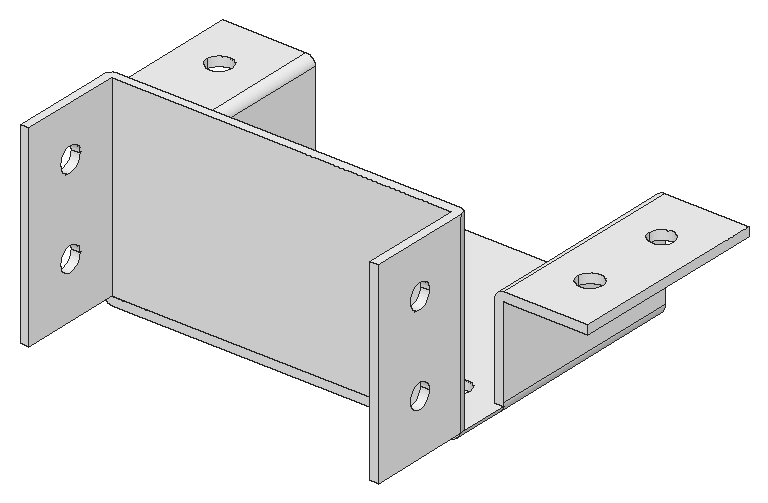
Revit family "renketukanagu_4060_makuita", category 機械設備, Revit 2022
Family settings
  丸型コネクタ寸法 = 直径を使用
  種別 = なし
  パーツ タイプ = 標準
  作業面ベース = いいえ
  常に垂直 = はい
  ロード時にボイドで切り取り = いいえ
  注釈の向きを維持 = いいえ
  共有 = いいえ
  部屋計算ポイント = いいえ
Parameters
  製造元 = "株式会社桐井製作所"
  既定の高さ = 0 mm
  URL = "https://www.kirii.co.jp/"
  K_名称 = "幕張用4060連結金具"
  K_バージョン情報 = "20230413"
Reference planes
  plane 1 "中心(正面/背面)": y = 0
  plane 2: z = 0
  plane 3 "中心(左/右)": x = 0
Forms (mm)
  Extrusion 1, solid
    sketch origin (-0.269, 0, 0) x (-1, 0, 0) y (0, -1, 0)
      loop
        line (30.231, 1.6) -> (-30.769, 1.6) -> (-30.769, 20) -> (-32.369, 20) -> (-32.369, 1.6)
        arc (-32.369, 1.6) -> (-31.9, 0.469) -> (-30.769, 0) r 1.6
        line (-30.769, 0) -> (30.231, 0)
        arc (30.231, 0) -> (31.363, 0.469) -> (31.831, 1.6) r 1.6
        line (31.831, 1.6) -> (31.831, 20) -> (30.231, 20) -> (30.231, 1.6)
    from 1.6 to 36.6
  Extrusion 2, void
    sketch origin (32.434, -22.901, -16.907) x (0, 1, 0) y (0, 0, -1)
      loop
        circle (12.101, -44.507) r 2.25
      loop
        circle (12.101, -28.507) r 2.25
    from 0.334 to 1.934
  Extrusion 3, void
    sketch origin (-30.166, -22.901, -16.907) x (0, 1, 0) y (0, 0, -1)
      loop
        circle (12.101, -44.507) r 2.25
      loop
        circle (12.101, -28.507) r 2.25
    from 0.334 to 1.934
  Extrusion 4, solid
    sketch origin (0, 0, 0) x (1, 0, 0) y (0, 0, 1)
      loop
        line (-47.1, 20) -> (-47.1, 18.4) -> (-32.1, 18.4) -> (-32.1, 9.88) -> (-32.1, 2.2)
        arc (-32.1, 2.2) -> (-31.456, 0.644) -> (-29.9, 0) r 2.2
        line (-29.9, 0) -> (29.9, 0)
        arc (29.9, 0) -> (31.456, 0.644) -> (32.1, 2.2) r 2.2
        line (32.1, 2.2) -> (32.1, 18.4) -> (47.1, 18.4) -> (47.1, 20) -> (32.1, 20)
        arc (32.1, 20) -> (30.969, 19.531) -> (30.5, 18.4) r 1.6
        line (30.5, 18.4) -> (30.5, 1.6) -> (-30.5, 1.6) -> (-30.5, 18.4)
        arc (-30.5, 18.4) -> (-30.969, 19.531) -> (-32.1, 20) r 1.6
        line (-32.1, 20) -> (-47.1, 20)
    from -44 to -8
  Extrusion 5, solid
    sketch origin (0, 0, 0) x (1, 0, 0) y (0, 0, 1)
      loop
        arc (-32.017, 1.6) -> (-31.227, 0.445) -> (-29.9, 0) r 2.2
        line (-29.9, 0) -> (29.9, 0)
        arc (29.9, 0) -> (31.227, 0.445) -> (32.017, 1.6) r 2.2
        line (32.017, 1.6) -> (-32.017, 1.6)
    from -8 to 1.6
  Extrusion 6, void
    sketch origin (0, 0, 0) x (1, 0, 0) y (0, 1, 0)
      loop
        circle (-39.6, 34) r 2.25
      loop
        circle (-39.6, 18) r 2.25
      loop
        circle (39.6, 34) r 2.25
      loop
        circle (39.6, 18) r 2.25
    from 18.4 to 20
  Extrusion 7, void
    sketch origin (0, 0, 0) x (1, 0, 0) y (0, 1, 0)
      loop
        circle (-23.5, 34) r 2.25
      loop
        circle (-23.5, 8.4) r 2.25
      loop
        circle (23.5, 34) r 2.25
      loop
        circle (23.5, 8.4) r 2.25
    from 0 to 1.6
Cuts and joins
  Extrusion 2, Extrusion 3 cuts Extrusion 1
  Extrusion 6, Extrusion 7 cuts Extrusion 4
  Extrusion 6, Extrusion 7 cuts Extrusion 5
  joined: Extrusion 4, Extrusion 5
Dimensions and locks
  aligned and locked: level to plane 2
